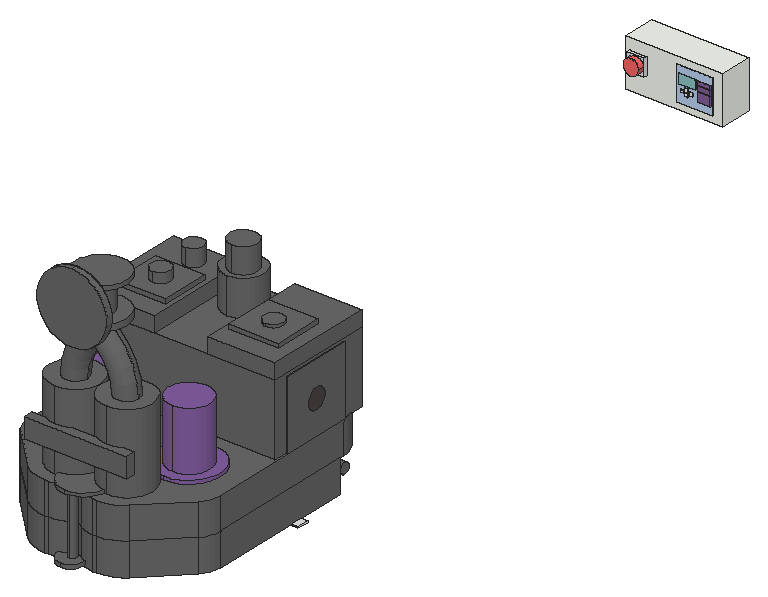
Revit family "11075", category Generic Models, Revit 2021
Family settings
  Can host rebar = No
  Round Connector Dimension = Use Diameter
  Part Type = Normal
  Work Plane-Based = No
  Always vertical = Yes
  Cut with Voids When Loaded = No
  Shared = Yes
  Room Calculation Point = No
Parameters (values of type "11075")
  SUPPLIER = "KESSEL"
  SA700ID49 = "Protection Class I"
  SA700ID48 = "no"
  SA700ID47 = "no"
  SA700ID46 = "yes"
  SA700ID37 = 28000 mm
  SA700ID34 = 60
  SA700ID33 = 5.7 W
  SA700ID32 = 211.06 kg
  SA700ID31 = 1
  SA700ID30 = 2
  SA700ID29 = "GLRD"
  SA700ID21 = 2800
  SA700ID10 = "yes"
  SA700ID08 = 400 V
  PROCUREWEBLINK = "https://p.caden.as/kessel/11075"
  PROCURELINK = "p.caden.as/kessel/11075"
  PROCUREDATALASTUPDATE = "2024-05-22T12:18:04.787702962+01:00"
  PREVIEW = "../../bilder/ksb_w_11075.png"
  PRC_SPECIFICATIONLINK = "https://ausschreiben.de/catalog/kessel/catalogItem/06a299b5-2139-41a8-9739-9925d3baf896"
  NN = "Lifting station Aqualift F XL"
  NBSYN = "$SA810ID03."
  NB = "11075"
  Model = "11075"
  Manufacturer = "KESSEL"
  MIdent = "{$CADENAS_DATA/23d-libs/kessel/kessel_vdi_import/4/entwaesserung/hebeanlage20aqualift20f20xl.prj},201 {STYP=ASS},{VTYP=3D},{NB=11075},{LINA=11075},{NN=Lifting station Aqualift F XL},{DATE=21.11.2022 10:48:11},{GEOMDATE=21.11.2022 10:48:11},{VERSION=},{LINEID=420},{WBVAR=LODLEVEL},{WBNUMERIC=LODLEVEL}  {NB=11075},{LINA=11075},{KT=DUMMY},{PREVIEW=../../bilder/ksb_w_11075.png},{SA700ID04=Hebeanlage Aqualift F XL 200 l, Duo, SPF 5500-S3, Gussschieber },{SA810ID06=04026092057421},{SA700ID34=60.00},{SA010ID03=201805},{SA810ID03=11075},{SA810ID10=Die Hebeanlage für fäkalienhaltiges und fäkalienfreies Abwasser ist mit einer überflutbaren Pumpe sowie einem Rückflussverhinderer ausgestattet. Der Sammelbehälter aus dauerhaft beständigem Kunststoff (PE) bietet universale Anschlussmöglichkeiten und hat eine verschraubte Reinigungsöffnung.Die Steuerung erfolgt durch ein anwenderfreundliches Schaltgerät, das optional über einen potentialfreien Kontakt in die Gebäudeleittechnik eingebunden werden oder Alarm- und Sammelstörmeldungen über eine GSM-Schnittstelle (Comfort Schaltgerät) ausgeben kann.Ausführung:Absperreinrichtung: Schieber aus GussAnlagenart: DoppelanlagePumpensteuerung: SchaltgerätRückflussverhinderer: integriertSchalldämmmatte: jaEinbausituation: freie AufstellungAbwasserart: fäkalienhaltigAllgemeine Merkmale:Farbe: schwarzNorm: EN 12050-1Abmessungen:Länge: 1.109 mmBreite: 760 mmHöhe: 1.027 mmBehälter/Grundkörper:Zulauf Anzahl: 1 STZulauf Nennweite (DN): 100 mmZulauf Nennweite (DA): 110 mmZulauf max. Anbohrung (DN): 200 mmAnschluss für Handmembranpumpe (DN): 32Behältervolumen: 200 lDruckabgang: senkrechtDruckabgang (DA): 90 mmDruckabgang (DN): 80 mmEntlüftungsanschluss (DN): 70 mmNutzvolumen: 120 lFördereinrichtung:Pumpe: SPF 5500Anzahl Pumpen: 2Förderhöhe max.: 28 mFörderleistung max.: 60 m3/hBetriebsart: S3 - 30 %Leistung P1: 5,7 kWLeistung P2: 4,8 kWDrehzahl: 2.800 U/minFörderguttemperatur (dauerhaft) max.: 40 °CAnschlusstyp: DirektanschlussGewicht: 38 kgLaufrad Typ: FreistromradLänge Netzanschlussleitung Pumpe: 5 mNennstrom: 9,1 ASchutzart Pumpe: IP 68 (3m/48h)Schutzklasse: ITyp Anschlussleitung Pumpe: H07RN8-F 6G 1 mm2Temperaturüberwachung: integriertSteuerung:Schaltgerät: ComfortBetriebsspannung: 400 VNetzfrequenz: 50 HzSelbstdiagnosesystem (SDS): jaBatteriepufferung: jaMehrzeilige Displayanzeige: jaLogbuchfunktion: jaGSM-Schnittstelle: jaPotentialfreier Kontakt: jaErforderliche Absicherung (Leitungsschutz): 3 x C 32 AMotorschutz Schalter: jaSchutzart Schaltgerät: IP 54Länge Netzanschlussleitung Schaltgerät: 0 mArt Niveauerfassung: pneumatischInstrument Niveauerfassung: TauchrohrAlarmgeber: Tauchrohr},{SA700ID37=28.00},{SA700ID33=5.70},{SA700ID08=400},{SA700ID30=2},{SA700ID32=211.06},{SA700ID49=Schutzklasse I},{SA700ID50=intern},{SA200ID03=6},{SA250ID03=vertikal},{SA260ID03=Trockenläuferpumpe},{SA350ID03=normalansaugend},{SA400ID03=E-Motor für Drehstrom},{SA460ID03=direkt},{SA500ID03=Kunststoff, Edelstahl},{SA700ID06=80},{SA700ID07=100},{SA700ID09=3/N/PE 400V},{SA700ID10=Ja},{SA700ID11=50},{SA700ID12=IP 68},{SA700ID13=F},{SA700ID15=40},{SA700ID21=2800.00},{SA700ID22=4.80},{SA700ID23=2800},{SA700ID24=2800},{SA700ID26=9.10},{SA700ID27=68.00},{SA700ID28=durchgehend},{SA700ID29=GLRD},{SA700ID31=1},{SA700ID46=ja},{SA700ID47=nein},{SA700ID48=nein},{SA110ID04=Hebeanlage Aqualift F XL},{SA300ID03=einstufig},{SA700ID44=10.00},{SA700ID45=10.00},{SA010ID04=KESSEL AG},{LODLEVEL=200},{LINK=https://www.kessel.de/info?han=11075},{SA970ID01=970},{SA970ID02=7135},{SA970ID03=11075},{SA970ID04=11002617},{SA970ID05=QUAD},{SA970ID06=-410.01},{SA970ID07=-899.99},{SA970ID08=0},{SA970ID09=1},{SA970ID10=0},{SA970ID11=0},{SA970ID12=0},{SA970ID13=1},{SA970ID14=0},{SA970ID15=820.02},{SA970ID16=1030},{SA970ID17=1033.74},{LODLEVEL_=200,'Low'},{LODLEVEL_DEU=200,'Low'},{LINK_=https://www.kessel.de/info?han=11075},{LINK_DEU=https://www.kessel.de/info?han=11075},{LODLEVEL_3DB=11075_200},{DNIN1=100},{DNIN2=70},{DNIN4=10},{DNIN5=10},{DNIN6=50},{DNIN7=50},{DNIN8=50},{DNIN9=50},{DNOUT1=32},{DNOUT2=100},{DNOUT3=70},{ISD1=96},{ISD2=10},{ISDOUT1=40},{ISDOUT2=60},{ISDOUT3=65},{SA010ID01=010},{SA010ID02=4},{SA010ID06=www.kessel.de},{SA010ID07=www.kessel.de},{SA010ID12=20180713},{SA010ID13=DEU},{SA010ID14=DE},{SA100ID01=100},{SA100ID02=4},{SA100ID04=Entwässerung},{SA110ID01=110},{SA110ID02=6},{SA200ID01=200},{SA200ID02=6},{SA250ID01=250},{SA250ID02=2},{SA260ID01=260},{SA260ID02=2},{SA300ID01=300},{SA300ID02=1},{SA350ID01=350},{SA350ID02=1},{SA400ID01=400},{SA400ID02=2},{SA460ID01=460},{SA460ID02=1},{SA500ID01=500},{SA500ID02=1},{SA700ID01=700},{SA700ID02=63},{SA700ID10_=1},{SA700ID16=0},{SA700ID25=0},{SA700ID46_=1},{SA700ID47_=0},{SA700ID48_=0},{SA700ID49_=1},{SA700ID50_=2},{SA800ID01=800},{SA800ID02=27},{SA810ID01=810},{SA810ID02=63},{SA810ID04=11075},{SA810ID07=63},{SA810ID09=1},{SA810ID14=PCE},{SA810ID15=1},{SA810ID16=NMP},{SA960ID03=63},{SA960ID04=3L},{SA960ID08=https://www.kessel.de/info?han=11075},{SA010ID08=4026092000007},{SA100ID05=Hebeanlage},{SA110ID06=Hebeanlage}"
  LINK = "https://www.kessel.de/info?han=11075"
  LINA = "11075"
  Default Elevation = 0 mm
  CREATOR = "CADENAS GmbH"
  CATALOG = "KESSEL"
  BOMINFO = "LINA"
  ARTICLENO = "NB"
  4.810.00.9 Order quantity (multiplicator) = "1"
  4.810.00.7 Media- connection number = "63"
  4.810.00.6 GTIN number = "04026092057421"
  4.810.00.4 DATANORM number = "11075"
  4.810.00.3 Producer order number = "11075"
  4.710.03.7 Mass (net) = 211.06 kg
  4.710.03.6 Height = 1027 mm
  4.710.03.5 Width = 760 mm
  4.710.03.4 Length = 1109 mm
  4.710.03.3 Type of dimensions = "2"
  4.710.02.8 Area of application of wastewater pump = "1"
  4.710.02.7 Art des S2/S3-Betriebs = "30 %"
  4.710.02.6 Duty type = "S3"
  4.710.02.5 Cutting device = "0"
  4.710.02.4 Attached pump control = "1"
  4.710.02.3 Free passage = 40 mm
  4.710.01.6 Option to connect to building automation = "40"
  4.710.01.5 Load regulation = "0"
  4.710.01.4 Designation of closed-loop control = "120"
  4.710.01.3 Identifier for closed-loop control = "200"
  4.700.00.9 Voltage = 0
  4.700.00.8 Nominal connection size on suction side = "100"
  4.700.00.7 Nominal connection size on pressure side = "100"
  4.700.00.6 Type of connection = "80"
  4.700.00.4 Product indentification = "Hebeanlage Aqualift F XL 200 l, Duo, SPF 5500-S3, Gussschieber "
  4.700.00.28 Motor pump shaft = "durchgehend"
  4.700.00.27 Starting current = 68
  4.700.00.26 Maximum power consumption per pump / drive = 9.1
  4.700.00.25 Minimum speed at internal speed adjustment = 0
  4.700.00.24 Nominal speed / maximum speed n = 46.6667
  4.700.00.23 Nominal speed of motor = 46.6667
  4.700.00.22 Maximum shaft output (P2) per pump/drive = 4.8 W
  4.700.00.16 Maximum temperature of pumped medium = 0 °C
  4.700.00.15 Increased safety class = "40 °C"
  4.700.00.13 Type of protection = "F"
  4.700.00.12 Frequency = 0
  4.700.00.11 Stern-/Dreieck-Anlaufschaltung bei Dreiphasenanschluss oder Drehstrom = "50 Hz"
  4.700.00.10 Phase = "1"
  4.500.00.3 Variant / Variant type / Accessories-name = "Kunststoff, Edelstahl"
  4.460.00.3 Variant / Variant type / Accessories-name = "direkt"
  4.400.00.3 Variant / Variant type / Accessories-name = "E-Motor für Drehstrom"
  4.350.00.3 Variant / Variant type / Accessories-name = "normalansaugend"
  4.300.00.3 Variant / Variant type / Accessories-name = "einstufig"
  4.260.00.3 Variant / Variant type / Accessories-name = "Trockenläuferpumpe"
  4.250.00.3 Variant / Variant type / Accessories-name = "vertikal"
  4.200.00.3 Variant / Variant type / Accessories-name = "6"
  4.110.00.6 Product classification = "Hebeanlage"
  4.110.00.4 Product indentification = "Hebeanlage Aqualift F XL"
  4.100.00.5 Main groups of wares = "Hebeanlage"
  4.100.00.4 Product indentification = "Entwässerung"
  4.010.00.8 Producer ID number = "4026092000007"
  4.010.00.7 Comment = "www.kessel.de"
  4.010.00.6 Web address of the manufacturer = "www.kessel.de"
  4.010.00.4 Manufacturer name = "KESSEL AG"
  4.010.00.3 Date of issuance (month) of guideline = "201805"
  4.010.00.2 Sheet number of the guideline = "4"
  4.010.00.14 Kennungen der Projektländer, für die die Datei gültig ist = "DE"
  4.010.00.13 Sprache der Datei = "DEU"
  4.010.00.12 Stand des Herstellerkatalogs = "20180713"
Reference planes
  plane 1 "Center (Front/Back)": y = 0
  plane 2: z = 0
  plane 3 "Center (Left/Right)": x = 0
Forms (mm)
  Extrusion 1, void
    sketch origin (380.5, -115, 392) x (0, -1, 0) y (0, 0, 1)
      loop
        line (-0.5, -0.5) -> (0.5, -0.5) -> (0.5, 0.5) -> (-0.5, 0.5) -> (-0.5, -0.5)
    from 0 to 1
  Extrusion 2, void
    sketch origin (160.15, 130.5, 392) x (1, 0, 0) y (0, 0, 1)
      loop
        line (-0.5, -0.5) -> (0.5, -0.5) -> (0.5, 0.5) -> (-0.5, 0.5) -> (-0.5, -0.5)
    from 0 to 1
  Extrusion 3, void
    sketch origin (-161, 130.5, 392) x (1, 0, 0) y (0, 0, 1)
      loop
        line (-0.5, -0.5) -> (0.5, -0.5) -> (0.5, 0.5) -> (-0.5, 0.5) -> (-0.5, -0.5)
    from 0 to 1
  Extrusion 4, void
    sketch origin (-380.5, -115, 392) x (0, 1, 0) y (0, 0, 1)
      loop
        line (-0.5, -0.5) -> (0.5, -0.5) -> (0.5, 0.5) -> (-0.5, 0.5) -> (-0.5, -0.5)
    from 0 to 1
Dimensions and locks
  locked: plane 2 to Extrusion 1 at 392.5
  locked: plane 2 to Extrusion 1 at 391.5
  locked: plane 2 to Extrusion 2 at 392.5
  locked: plane 2 to Extrusion 2 at 391.5
  locked: plane 2 to Extrusion 3 at 392.5
  locked: plane 2 to Extrusion 3 at 391.5
  locked: plane 2 to Extrusion 4 at 392.5
  locked: plane 2 to Extrusion 4 at 391.5
  aligned and locked: level to plane 2
Nested families
  nested 1: "11075_content" at (0, 0, 0), type "11075_Content"
  nested 2: "11075_part1_X0Y0" at (1000, 1000, 1200), type "11075_PART1_X0Y0"
  nested 3: "11075_part2_X0Y0" at (0, 0, 0), type "11075_PART2_X0Y0"
Connectors
  electrical at (861, 933, 1201.5)
    settings: on nested 2, index 1, voltage 0 V, apparent load 0 VA, apparent load phase1 0 VA, apparent load phase2 0 VA, apparent load phase3 0 VA, power factor 1, load classification "Other", number of poles 1, system type 31, power factor state 1, is connector primary yes, connector utility no, sub classification motor no, connector description ""
  piping at (0, 0, 771), diameter 100
    settings: on nested 3, index 2, connector inside diameter 609.6 mm, connector length 0 mm, flow factor 0, pipe flow 0.0 L/s, pressure drop 0.0 Pa, fitting loss kfactor 0, connector angle 0.00°, fixture units 0, engagement length 0 mm, angle of deflection 0.00°, flow configuration 0, flow direction 1, fitting loss method 2, system type 8, joint type 0, gender type 0, connector reference index -1, connector utility 0, adjustable connector no, is connector primary yes, connector description ""
  piping at (380.5, -115, 392), diameter 70
    settings: on Extrusion 1, index 3, connector inside diameter 609.6 mm, connector length 0 mm, flow factor 0, pipe flow 0.0 L/s, pressure drop 0.0 Pa, fitting loss kfactor 0, connector angle 0.00°, fixture units 0, engagement length 0 mm, angle of deflection 0.00°, flow configuration 0, flow direction 0, fitting loss method 2, system type 8, joint type 0, gender type 0, connector reference index -1, connector utility 0, adjustable connector no, is connector primary no, connector description ""
  piping at (160.15, 130.5, 392), diameter 70
    settings: on Extrusion 2, index 4, connector inside diameter 609.6 mm, connector length 0 mm, flow factor 0, pipe flow 0.0 L/s, pressure drop 0.0 Pa, fitting loss kfactor 0, connector angle 0.00°, fixture units 0, engagement length 0 mm, angle of deflection 0.00°, flow configuration 0, flow direction 0, fitting loss method 2, system type 8, joint type 0, gender type 0, connector reference index -1, connector utility 0, adjustable connector no, is connector primary no, connector description ""
  piping at (-161, 130.5, 392), diameter 70
    settings: on Extrusion 3, index 5, connector inside diameter 609.6 mm, connector length 0 mm, flow factor 0, pipe flow 0.0 L/s, pressure drop 0.0 Pa, fitting loss kfactor 0, connector angle 0.00°, fixture units 0, engagement length 0 mm, angle of deflection 0.00°, flow configuration 0, flow direction 0, fitting loss method 2, system type 8, joint type 0, gender type 0, connector reference index -1, connector utility 0, adjustable connector no, is connector primary no, connector description ""
  piping at (-380.5, -115, 392), diameter 70
    settings: on Extrusion 4, index 6, connector inside diameter 609.6 mm, connector length 0 mm, flow factor 0, pipe flow 0.0 L/s, pressure drop 0.0 Pa, fitting loss kfactor 0, connector angle 0.00°, fixture units 0, engagement length 0 mm, angle of deflection 0.00°, flow configuration 0, flow direction 0, fitting loss method 2, system type 8, joint type 0, gender type 0, connector reference index -1, connector utility 0, adjustable connector no, is connector primary no, connector description ""
  piping at (0, -700, 966), diameter 100
    settings: on nested 3, index 7, connector inside diameter 609.6 mm, connector length 0 mm, flow factor 0, pipe flow 0.0 L/s, pressure drop 0.0 Pa, fitting loss kfactor 0, connector angle 0.00°, fixture units 0, engagement length 0 mm, angle of deflection 0.00°, flow configuration 0, flow direction 2, fitting loss method 2, system type 7, joint type 0, gender type 0, connector reference index -1, connector utility 0, adjustable connector no, is connector primary no, connector description ""
  piping at (-225, 36, 661), diameter 70
    settings: on nested 3, index 8, connector inside diameter 609.6 mm, connector length 0 mm, flow factor 0, pipe flow 0.0 L/s, pressure drop 0.0 Pa, fitting loss kfactor 0, connector angle 0.00°, fixture units 0, engagement length 0 mm, angle of deflection 0.00°, flow configuration 0, flow direction 2, fitting loss method 2, system type 7, joint type 0, gender type 0, connector reference index -1, connector utility 0, adjustable connector no, is connector primary no, connector description ""
  piping at (354.5, 56, 60), diameter 32
    settings: on nested 3, index 9, connector inside diameter 609.6 mm, connector length 0 mm, flow factor 0, pipe flow 0.0 L/s, pressure drop 0.0 Pa, fitting loss kfactor 0, connector angle 0.00°, fixture units 0, engagement length 0 mm, angle of deflection 0.00°, flow configuration 0, flow direction 2, fitting loss method 2, system type 7, joint type 0, gender type 0, connector reference index -1, connector utility 0, adjustable connector no, is connector primary no, connector description ""
  electrical at (183.5, -496.25, 499.4)
    settings: on nested 3, index 10, voltage 0 V, apparent load 0 VA, apparent load phase1 0 VA, apparent load phase2 0 VA, apparent load phase3 0 VA, power factor 1, load classification "Other", number of poles 1, system type 31, power factor state 1, is connector primary no, connector utility no, sub classification motor no, connector description ""
  electrical at (-183.5, -496.25, 499.4)
    settings: on nested 3, index 11, voltage 0 V, apparent load 0 VA, apparent load phase1 0 VA, apparent load phase2 0 VA, apparent load phase3 0 VA, power factor 1, load classification "Other", number of poles 1, system type 31, power factor state 1, is connector primary no, connector utility no, sub classification motor no, connector description ""
  electrical at (-222.5, -129, 650)
    settings: on nested 3, index 12, voltage 0 V, apparent load 0 VA, apparent load phase1 0 VA, apparent load phase2 0 VA, apparent load phase3 0 VA, power factor 1, load classification "Other", number of poles 1, system type 31, power factor state 1, is connector primary no, connector utility no, sub classification motor no, connector description ""
Definition of nested family "11075_part1_X0Y0"
  Parameters (values of type "11075_PART1_X0Y0")
    SUPPLIER = "KESSEL"
    SA700ID49 = "Protection Class I"
    SA700ID48 = "no"
    SA700ID47 = "no"
    SA700ID46 = "yes"
    SA700ID37 = 28000 mm
    SA700ID34 = 60
    SA700ID33 = 5.7 W
    SA700ID32 = 211.06 kg
    SA700ID31 = 1
    SA700ID30 = 2
    SA700ID29 = "GLRD"
    SA700ID21 = 2800
    SA700ID10 = "yes"
    SA700ID08 = 400 V
    PREVIEW = "../../bilder/ksb_w_11075.png"
    NBSYN = "$SA810ID03._PART1"
    NB = "11075_PART1"
    Model = "11075_PART1"
    Manufacturer = "KESSEL"
    MIdent = "{$CADENAS_DATA/23d-libs/kessel/kessel_vdi_import/4/entwaesserung/hebeanlage20aqualift20f20xl.prj},221 {VTYP=3D},{NB=11075_PART1},{LINA=11075_PART1},{NN=Lifting station Aqualift F XL_PART1},{NOPRJ=TRUE},{DATE=21.11.2022 10:48:11},{GEOMDATE=21.11.2022 10:48:11},{VERSION=},{LINEID=420},{WBVAR=LODLEVEL},{WBNUMERIC=LODLEVEL}  {NB=11075_PART1},{LINA=11075_PART1},{KT=DUMMY},{PREVIEW=../../bilder/ksb_w_11075.png},{SA700ID04=Hebeanlage Aqualift F XL 200 l, Duo, SPF 5500-S3, Gussschieber },{SA810ID06=04026092057421},{SA700ID34=60.00},{SA010ID03=201805},{SA810ID03=11075},{SA810ID10=Die Hebeanlage für fäkalienhaltiges und fäkalienfreies Abwasser ist mit einer überflutbaren Pumpe sowie einem Rückflussverhinderer ausgestattet. Der Sammelbehälter aus dauerhaft beständigem Kunststoff (PE) bietet universale Anschlussmöglichkeiten und hat eine verschraubte Reinigungsöffnung.Die Steuerung erfolgt durch ein anwenderfreundliches Schaltgerät, das optional über einen potentialfreien Kontakt in die Gebäudeleittechnik eingebunden werden oder Alarm- und Sammelstörmeldungen über eine GSM-Schnittstelle (Comfort Schaltgerät) ausgeben kann.Ausführung:Absperreinrichtung: Schieber aus GussAnlagenart: DoppelanlagePumpensteuerung: SchaltgerätRückflussverhinderer: integriertSchalldämmmatte: jaEinbausituation: freie AufstellungAbwasserart: fäkalienhaltigAllgemeine Merkmale:Farbe: schwarzNorm: EN 12050-1Abmessungen:Länge: 1.109 mmBreite: 760 mmHöhe: 1.027 mmBehälter/Grundkörper:Zulauf Anzahl: 1 STZulauf Nennweite (DN): 100 mmZulauf Nennweite (DA): 110 mmZulauf max. Anbohrung (DN): 200 mmAnschluss für Handmembranpumpe (DN): 32Behältervolumen: 200 lDruckabgang: senkrechtDruckabgang (DA): 90 mmDruckabgang (DN): 80 mmEntlüftungsanschluss (DN): 70 mmNutzvolumen: 120 lFördereinrichtung:Pumpe: SPF 5500Anzahl Pumpen: 2Förderhöhe max.: 28 mFörderleistung max.: 60 m3/hBetriebsart: S3 - 30 %Leistung P1: 5,7 kWLeistung P2: 4,8 kWDrehzahl: 2.800 U/minFörderguttemperatur (dauerhaft) max.: 40 °CAnschlusstyp: DirektanschlussGewicht: 38 kgLaufrad Typ: FreistromradLänge Netzanschlussleitung Pumpe: 5 mNennstrom: 9,1 ASchutzart Pumpe: IP 68 (3m/48h)Schutzklasse: ITyp Anschlussleitung Pumpe: H07RN8-F 6G 1 mm2Temperaturüberwachung: integriertSteuerung:Schaltgerät: ComfortBetriebsspannung: 400 VNetzfrequenz: 50 HzSelbstdiagnosesystem (SDS): jaBatteriepufferung: jaMehrzeilige Displayanzeige: jaLogbuchfunktion: jaGSM-Schnittstelle: jaPotentialfreier Kontakt: jaErforderliche Absicherung (Leitungsschutz): 3 x C 32 AMotorschutz Schalter: jaSchutzart Schaltgerät: IP 54Länge Netzanschlussleitung Schaltgerät: 0 mArt Niveauerfassung: pneumatischInstrument Niveauerfassung: TauchrohrAlarmgeber: Tauchrohr},{SA700ID37=28.00},{SA700ID33=5.70},{SA700ID08=400},{SA700ID30=2},{SA700ID32=211.06},{SA700ID49=Schutzklasse I},{SA700ID50=intern},{SA200ID03=6},{SA250ID03=vertikal},{SA260ID03=Trockenläuferpumpe},{SA350ID03=normalansaugend},{SA400ID03=E-Motor für Drehstrom},{SA460ID03=direkt},{SA500ID03=Kunststoff, Edelstahl},{SA700ID06=80},{SA700ID07=100},{SA700ID09=3/N/PE 400V},{SA700ID10=Ja},{SA700ID11=50},{SA700ID12=IP 68},{SA700ID13=F},{SA700ID15=40},{SA700ID21=2800.00},{SA700ID22=4.80},{SA700ID23=2800},{SA700ID24=2800},{SA700ID26=9.10},{SA700ID27=68.00},{SA700ID28=durchgehend},{SA700ID29=GLRD},{SA700ID31=1},{SA700ID46=ja},{SA700ID47=nein},{SA700ID48=nein},{SA110ID04=Hebeanlage Aqualift F XL},{SA300ID03=einstufig},{SA700ID44=10.00},{SA700ID45=10.00},{SA010ID04=KESSEL AG},{LODLEVEL=200},{LINK=https://www.kessel.de/info?han=11075},{SA970ID01=970},{SA970ID02=7135},{SA970ID03=11075},{SA970ID04=11002617},{SA970ID05=QUAD},{SA970ID06=-410.01},{SA970ID07=-899.99},{SA970ID08=0},{SA970ID09=1},{SA970ID10=0},{SA970ID11=0},{SA970ID12=0},{SA970ID13=1},{SA970ID14=0},{SA970ID15=820.02},{SA970ID16=1030},{SA970ID17=1033.74},{LODLEVEL_=200,'Low'},{LODLEVEL_DEU=200,'Low'},{LINK_=https://www.kessel.de/info?han=11075},{LINK_DEU=https://www.kessel.de/info?han=11075},{LODLEVEL_3DB=11075_200},{DNIN1=100},{DNIN2=70},{DNIN4=10},{DNIN5=10},{DNIN6=50},{DNIN7=50},{DNIN8=50},{DNIN9=50},{DNOUT1=32},{DNOUT2=100},{DNOUT3=70},{ISD1=96},{ISD2=10},{ISDOUT1=40},{ISDOUT2=60},{ISDOUT3=65},{SA010ID01=010},{SA010ID02=4},{SA010ID06=www.kessel.de},{SA010ID07=www.kessel.de},{SA010ID12=20180713},{SA010ID13=DEU},{SA010ID14=DE},{SA100ID01=100},{SA100ID02=4},{SA100ID04=Entwässerung},{SA110ID01=110},{SA110ID02=6},{SA200ID01=200},{SA200ID02=6},{SA250ID01=250},{SA250ID02=2},{SA260ID01=260},{SA260ID02=2},{SA300ID01=300},{SA300ID02=1},{SA350ID01=350},{SA350ID02=1},{SA400ID01=400},{SA400ID02=2},{SA460ID01=460},{SA460ID02=1},{SA500ID01=500},{SA500ID02=1},{SA700ID01=700},{SA700ID02=63},{SA700ID10_=1},{SA700ID16=0},{SA700ID25=0},{SA700ID46_=1},{SA700ID47_=0},{SA700ID48_=0},{SA700ID49_=1},{SA700ID50_=2},{SA800ID01=800},{SA800ID02=27},{SA810ID01=810},{SA810ID02=63},{SA810ID04=11075},{SA810ID07=63},{SA810ID09=1},{SA810ID14=PCE},{SA810ID15=1},{SA810ID16=NMP},{SA960ID03=63},{SA960ID04=3L},{SA960ID08=https://www.kessel.de/info?han=11075},{SA010ID08=4026092000007},{SA100ID05=Hebeanlage},{SA110ID06=Hebeanlage}"
    LINK = "https://www.kessel.de/info?han=11075"
    LINA = "11075_PART1"
    Default Elevation = 1219.2 mm
    CREATOR = "CADENAS GmbH"
    CATALOG = "KESSEL"
    BOMINFO = "LINA"
    ARTICLENO = "NB"
    4.810.00.9 Order quantity (multiplicator) = "1"
    4.810.00.7 Media- connection number = "63"
    4.810.00.6 GTIN number = "04026092057421"
    4.810.00.4 DATANORM number = "11075"
    4.810.00.3 Producer order number = "11075"
    4.710.03.7 Mass (net) = 211.06 kg
    4.710.03.6 Height = 1027 mm
    4.710.03.5 Width = 760 mm
    4.710.03.4 Length = 1109 mm
    4.710.03.3 Type of dimensions = "2"
    4.710.02.8 Area of application of wastewater pump = "1"
    4.710.02.7 Art des S2/S3-Betriebs = "30 %"
    4.710.02.6 Duty type = "S3"
    4.710.02.5 Cutting device = "0"
    4.710.02.4 Attached pump control = "1"
    4.710.02.3 Free passage = 40 mm
    4.710.01.6 Option to connect to building automation = "40"
    4.710.01.5 Load regulation = "0"
    4.710.01.4 Designation of closed-loop control = "120"
    4.710.01.3 Identifier for closed-loop control = "200"
    4.700.00.9 Voltage = 0
    4.700.00.8 Nominal connection size on suction side = "100"
    4.700.00.7 Nominal connection size on pressure side = "100"
    4.700.00.6 Type of connection = "80"
    4.700.00.4 Product indentification = "Hebeanlage Aqualift F XL 200 l, Duo, SPF 5500-S3, Gussschieber "
    4.700.00.28 Motor pump shaft = "durchgehend"
    4.700.00.27 Starting current = 68
    4.700.00.26 Maximum power consumption per pump / drive = 9.1
    4.700.00.25 Minimum speed at internal speed adjustment = 0
    4.700.00.24 Nominal speed / maximum speed n = 46.6667
    4.700.00.23 Nominal speed of motor = 46.6667
    4.700.00.22 Maximum shaft output (P2) per pump/drive = 4.8 W
    4.700.00.16 Maximum temperature of pumped medium = 0 °C
    4.700.00.15 Increased safety class = "40 °C"
    4.700.00.13 Type of protection = "F"
    4.700.00.12 Frequency = 0
    4.700.00.11 Stern-/Dreieck-Anlaufschaltung bei Dreiphasenanschluss oder Drehstrom = "50 Hz"
    4.700.00.10 Phase = "1"
    4.500.00.3 Variant / Variant type / Accessories-name = "Kunststoff, Edelstahl"
    4.460.00.3 Variant / Variant type / Accessories-name = "direkt"
    4.400.00.3 Variant / Variant type / Accessories-name = "E-Motor für Drehstrom"
    4.350.00.3 Variant / Variant type / Accessories-name = "normalansaugend"
    4.300.00.3 Variant / Variant type / Accessories-name = "einstufig"
    4.260.00.3 Variant / Variant type / Accessories-name = "Trockenläuferpumpe"
    4.250.00.3 Variant / Variant type / Accessories-name = "vertikal"
    4.200.00.3 Variant / Variant type / Accessories-name = "6"
    4.110.00.6 Product classification = "Hebeanlage"
    4.110.00.4 Product indentification = "Hebeanlage Aqualift F XL"
    4.100.00.5 Main groups of wares = "Hebeanlage"
    4.100.00.4 Product indentification = "Entwässerung"
    4.010.00.8 Producer ID number = "4026092000007"
    4.010.00.7 Comment = "www.kessel.de"
    4.010.00.6 Web address of the manufacturer = "www.kessel.de"
    4.010.00.4 Manufacturer name = "KESSEL AG"
    4.010.00.3 Date of issuance (month) of guideline = "201805"
    4.010.00.2 Sheet number of the guideline = "4"
    4.010.00.14 Kennungen der Projektländer, für die die Datei gültig ist = "DE"
    4.010.00.13 Sprache der Datei = "DEU"
    4.010.00.12 Stand des Herstellerkatalogs = "20180713"
  Reference planes
    plane 1 "Center (Front/Back)": y = 0
    plane 2: z = 0
    plane 3 "Center (Left/Right)": x = 0
  Dimensions and locks
    aligned and locked: level to plane 2
  Nested families
    nested 1: "11075_part1_content" at (0, 0, 0), type "11075_PART1_Content"
  Definition of nested family "11075_part1_content"
    Parameters (values of type "11075_PART1_Content")
      SUPPLIER = "KESSEL"
      SA700ID49 = "Protection Class I"
      SA700ID48 = "no"
      SA700ID47 = "no"
      SA700ID46 = "yes"
      SA700ID37 = 28000 mm
      SA700ID34 = 60
      SA700ID33 = 5.7 W
      SA700ID32 = 211.06 kg
      SA700ID31 = 1
      SA700ID30 = 2
      SA700ID29 = "GLRD"
      SA700ID21 = 2800
      SA700ID10 = "yes"
      SA700ID08 = 400 V
      PREVIEW = "../../bilder/ksb_w_11075.png"
      NBSYN = "$SA810ID03._PART1"
      NB = "11075_PART1"
      Model = "11075_PART1"
      Manufacturer = "KESSEL"
      LINK = "https://www.kessel.de/info?han=11075"
      LINA = "11075_PART1"
      Default Elevation = 1219.2 mm
      CREATOR = "CADENAS GmbH"
      CATALOG = "KESSEL"
      BOMINFO = "LINA"
      ARTICLENO = "NB"
      4.810.00.9 Order quantity (multiplicator) = "1"
      4.810.00.7 Media- connection number = "63"
      4.810.00.6 GTIN number = "04026092057421"
      4.810.00.4 DATANORM number = "11075"
      4.810.00.3 Producer order number = "11075"
      4.710.03.7 Mass (net) = 211.06 kg
      4.710.03.6 Height = 1027 mm
      4.710.03.5 Width = 760 mm
      4.710.03.4 Length = 1109 mm
      4.710.03.3 Type of dimensions = "2"
      4.710.02.8 Area of application of wastewater pump = "1"
      4.710.02.7 Art des S2/S3-Betriebs = "30 %"
      4.710.02.6 Duty type = "S3"
      4.710.02.5 Cutting device = "0"
      4.710.02.4 Attached pump control = "1"
      4.710.02.3 Free passage = 40 mm
      4.710.01.6 Option to connect to building automation = "40"
      4.710.01.5 Load regulation = "0"
      4.710.01.4 Designation of closed-loop control = "120"
      4.710.01.3 Identifier for closed-loop control = "200"
      4.700.00.9 Voltage = 0
      4.700.00.8 Nominal connection size on suction side = "100"
      4.700.00.7 Nominal connection size on pressure side = "100"
      4.700.00.6 Type of connection = "80"
      4.700.00.4 Product indentification = "Hebeanlage Aqualift F XL 200 l, Duo, SPF 5500-S3, Gussschieber "
      4.700.00.28 Motor pump shaft = "durchgehend"
      4.700.00.27 Starting current = 68
      4.700.00.26 Maximum power consumption per pump / drive = 9.1
      4.700.00.25 Minimum speed at internal speed adjustment = 0
      4.700.00.24 Nominal speed / maximum speed n = 46.6667
      4.700.00.23 Nominal speed of motor = 46.6667
      4.700.00.22 Maximum shaft output (P2) per pump/drive = 4.8 W
      4.700.00.16 Maximum temperature of pumped medium = 0 °C
      4.700.00.15 Increased safety class = "40 °C"
      4.700.00.13 Type of protection = "F"
      4.700.00.12 Frequency = 0
      4.700.00.11 Stern-/Dreieck-Anlaufschaltung bei Dreiphasenanschluss oder Drehstrom = "50 Hz"
      4.700.00.10 Phase = "1"
      4.500.00.3 Variant / Variant type / Accessories-name = "Kunststoff, Edelstahl"
      4.460.00.3 Variant / Variant type / Accessories-name = "direkt"
      4.400.00.3 Variant / Variant type / Accessories-name = "E-Motor für Drehstrom"
      4.350.00.3 Variant / Variant type / Accessories-name = "normalansaugend"
      4.300.00.3 Variant / Variant type / Accessories-name = "einstufig"
      4.260.00.3 Variant / Variant type / Accessories-name = "Trockenläuferpumpe"
      4.250.00.3 Variant / Variant type / Accessories-name = "vertikal"
      4.200.00.3 Variant / Variant type / Accessories-name = "6"
      4.110.00.6 Product classification = "Hebeanlage"
      4.110.00.4 Product indentification = "Hebeanlage Aqualift F XL"
      4.100.00.5 Main groups of wares = "Hebeanlage"
      4.100.00.4 Product indentification = "Entwässerung"
      4.010.00.8 Producer ID number = "4026092000007"
      4.010.00.7 Comment = "www.kessel.de"
      4.010.00.6 Web address of the manufacturer = "www.kessel.de"
      4.010.00.4 Manufacturer name = "KESSEL AG"
      4.010.00.3 Date of issuance (month) of guideline = "201805"
      4.010.00.2 Sheet number of the guideline = "4"
      4.010.00.14 Kennungen der Projektländer, für die die Datei gültig ist = "DE"
      4.010.00.13 Sprache der Datei = "DEU"
      4.010.00.12 Stand des Herstellerkatalogs = "20180713"
    Reference planes
      plane 1 "Center (Front/Back)": y = 0
      plane 2: z = 0
      plane 3 "Center (Left/Right)": x = 0
    Forms (mm)
      Extrusion 1, solid, detail levels medium+fine
        sketch origin (189.25, -1.75, 0.2) x (0, -1, 0) y (0, 0, 1)
          loop
            line (0, 187.8) -> (0, 0) -> (127.75, 0) -> (127.75, 187.8) -> (0, 187.8)
        from 0 to 378.5
      Extrusion 2, solid, detail levels medium+fine
        sketch origin (-4, -67, 0) x (0, 1, 0) y (-1, 0, 0)
          loop
            circle (0, 0) r 12.5
        from 0 to 1.5
      Extrusion 3, solid, detail levels medium+fine
        sketch origin (150.8, -129.5, 26.5) x (0, -1, 0) y (0, 0, 1)
          loop
            line (-1.2, 134.8) -> (-1.2, 0) -> (0.25, 0) -> (0.25, 134.8) -> (-1.2, 134.8)
        from 0 to 139.9
      Extrusion 4, solid, detail levels medium+fine
        sketch origin (72.55, -129.75, 66) x (0, -1, 0) y (0, 0, 1)
          loop
            line (-1, 12) -> (-1, 0) -> (0.5, 0) -> (0.5, 12) -> (-1, 12)
        from 0 to 12
      Extrusion 5, solid, detail levels medium+fine
        sketch origin (84.45, -129.75, 93.4) x (0, -1, 0) y (0, 0, 1)
          loop
            line (-1, 37) -> (-1, 0) -> (0.5, 0) -> (0.5, 37) -> (-1, 37)
        from 0 to 66
      Extrusion 6, solid, detail levels medium+fine
        sketch origin (55.3, -129.75, 74) x (0, -1, 0) y (0, 0, 1)
          loop
            line (-1, 12) -> (-1, 0) -> (0.5, 0) -> (0.5, 12) -> (-1, 12)
        from 0 to 12
      Extrusion 7, solid, detail levels medium+fine
        sketch origin (143.3, -129.75, 94.4) x (0, -1, 0) y (0, 0, 1)
          loop
            line (0, 16) -> (0, 0) -> (1.75, 0) -> (1.75, 16) -> (0, 16)
        from 0 to 51
      Extrusion 8, solid, detail levels medium+fine
        sketch origin (143.3, -129.75, 54.4) x (0, -1, 0) y (0, 0, 1)
          loop
            line (0, 36) -> (0, 0) -> (1.75, 0) -> (1.75, 36) -> (0, 36)
        from 0 to 51
      Extrusion 9, solid, detail levels medium+fine
        sketch origin (55.3, -129.75, 57.5) x (0, -1, 0) y (0, 0, 1)
          loop
            line (-1, 12) -> (-1, 0) -> (0.5, 0) -> (0.5, 12) -> (-1, 12)
        from 0 to 12
      Extrusion 10, solid, detail levels medium+fine
        sketch origin (143.3, -129.75, 114.4) x (0, -1, 0) y (0, 0, 1)
          loop
            line (0, 16) -> (0, 0) -> (1.75, 0) -> (1.75, 16) -> (0, 16)
        from 0 to 51
      Extrusion 11, solid, detail levels medium+fine
        sketch origin (38.05, -129.75, 66) x (0, -1, 0) y (0, 0, 1)
          loop
            line (-1, 12) -> (-1, 0) -> (0.5, 0) -> (0.5, 12) -> (-1, 12)
        from 0 to 12
      Extrusion 12, solid, detail levels medium+fine
        sketch origin (47, -72, 0) x (0, 1, 0) y (-1, 0, 0)
          loop
            circle (0, 0) r 8
        from 0 to 1.5
      Extrusion 13, solid, detail levels medium+fine
        sketch origin (47, -42, 0) x (0, 1, 0) y (-1, 0, 0)
          loop
            circle (0, 0) r 5.25
        from 0 to 1.5
      Extrusion 14, solid, detail levels medium+fine
        sketch origin (77, -72, 0) x (0, 1, 0) y (-1, 0, 0)
          loop
            circle (0, 0) r 8
        from 0 to 1.5
      Extrusion 15, solid, detail levels medium+fine
        sketch origin (-94, -67, 0) x (0, 1, 0) y (-1, 0, 0)
          loop
            circle (0, 0) r 12.5
        from 0 to 1.5
      Extrusion 16, solid, detail levels medium+fine
        sketch origin (92, -42, 0) x (0, 1, 0) y (-1, 0, 0)
          loop
            circle (0, 0) r 8
        from 0 to 1.5
      Extrusion 17, solid, detail levels medium+fine
        sketch origin (107, -72, 0) x (0, 1, 0) y (-1, 0, 0)
          loop
            circle (0, 0) r 8
        from 0 to 1.5
      Extrusion 18, solid, detail levels medium+fine
        sketch origin (122, -42, 0) x (0, 1, 0) y (-1, 0, 0)
          loop
            circle (0, 0) r 8
        from 0 to 1.5
      Extrusion 19, solid, detail levels medium+fine
        sketch origin (-107.7, -129.5, 76.9) x (0, -1, 0) y (0, 0, 1)
          loop
            line (0, 67) -> (0, 0) -> (14, 0) -> (14, 67) -> (0, 67)
        from 0 to 67
      Extrusion 20, solid, detail levels medium+fine
        sketch origin (-141.2, -143.5, 110.4) x (1, 0, 0) y (0, 0, 1)
          loop
            circle (0, 0) r 30
        from 0 to 22
      Extrusion 21, solid, detail levels medium+fine
        sketch origin (127, -15, 0) x (0, 1, 0) y (-1, 0, 0)
          loop
            circle (0, 0) r 6
        from 0 to 1.5
      Extrusion 22, solid, detail levels medium+fine
        sketch origin (137, -72, 0) x (0, 1, 0) y (-1, 0, 0)
          loop
            circle (0, 0) r 8
        from 0 to 1.5
      Extrusion 23, solid, detail levels medium+fine
        sketch origin (-139, -67, 0) x (0, 1, 0) y (-1, 0, 0)
          loop
            circle (0, 0) r 12.5
        from 0 to 1.5
      Extrusion 24, solid, detail levels medium+fine
        sketch origin (152, -42, 0) x (0, 1, 0) y (-1, 0, 0)
          loop
            circle (0, 0) r 8
        from 0 to 1.5
      Extrusion 25, solid, detail levels coarse
        sketch origin (0, -83.625, 0) x (1, 0, 0) y (0, 1, 0)
          loop
            line (-189.25, -81.875) -> (189.25, -81.875) -> (189.25, 81.875) -> (-189.25, 81.875) -> (-189.25, -81.875)
        from 0 to 188
    Dimensions and locks
      aligned and locked: level to plane 2
Definition of nested family "11075_part2_X0Y0"
  Parameters (values of type "11075_PART2_X0Y0")
    SUPPLIER = "KESSEL"
    SA700ID49 = "Protection Class I"
    SA700ID48 = "no"
    SA700ID47 = "no"
    SA700ID46 = "yes"
    SA700ID37 = 28000 mm
    SA700ID34 = 60
    SA700ID33 = 5.7 W
    SA700ID32 = 211.06 kg
    SA700ID31 = 1
    SA700ID30 = 2
    SA700ID29 = "GLRD"
    SA700ID21 = 2800
    SA700ID10 = "yes"
    SA700ID08 = 400 V
    PREVIEW = "../../bilder/ksb_w_11075.png"
    NBSYN = "$SA810ID03._PART2"
    NB = "11075_PART2"
    Model = "11075_PART2"
    Manufacturer = "KESSEL"
    MIdent = "{$CADENAS_DATA/23d-libs/kessel/kessel_vdi_import/4/entwaesserung/hebeanlage20aqualift20f20xl.prj},221 {VTYP=3D},{NB=11075_PART2},{LINA=11075_PART2},{NN=Lifting station Aqualift F XL_PART2},{NOPRJ=TRUE},{DATE=21.11.2022 10:48:11},{GEOMDATE=21.11.2022 10:48:11},{VERSION=},{LINEID=420},{WBVAR=LODLEVEL},{WBNUMERIC=LODLEVEL}  {NB=11075_PART2},{LINA=11075_PART2},{KT=DUMMY},{PREVIEW=../../bilder/ksb_w_11075.png},{SA700ID04=Hebeanlage Aqualift F XL 200 l, Duo, SPF 5500-S3, Gussschieber },{SA810ID06=04026092057421},{SA700ID34=60.00},{SA010ID03=201805},{SA810ID03=11075},{SA810ID10=Die Hebeanlage für fäkalienhaltiges und fäkalienfreies Abwasser ist mit einer überflutbaren Pumpe sowie einem Rückflussverhinderer ausgestattet. Der Sammelbehälter aus dauerhaft beständigem Kunststoff (PE) bietet universale Anschlussmöglichkeiten und hat eine verschraubte Reinigungsöffnung.Die Steuerung erfolgt durch ein anwenderfreundliches Schaltgerät, das optional über einen potentialfreien Kontakt in die Gebäudeleittechnik eingebunden werden oder Alarm- und Sammelstörmeldungen über eine GSM-Schnittstelle (Comfort Schaltgerät) ausgeben kann.Ausführung:Absperreinrichtung: Schieber aus GussAnlagenart: DoppelanlagePumpensteuerung: SchaltgerätRückflussverhinderer: integriertSchalldämmmatte: jaEinbausituation: freie AufstellungAbwasserart: fäkalienhaltigAllgemeine Merkmale:Farbe: schwarzNorm: EN 12050-1Abmessungen:Länge: 1.109 mmBreite: 760 mmHöhe: 1.027 mmBehälter/Grundkörper:Zulauf Anzahl: 1 STZulauf Nennweite (DN): 100 mmZulauf Nennweite (DA): 110 mmZulauf max. Anbohrung (DN): 200 mmAnschluss für Handmembranpumpe (DN): 32Behältervolumen: 200 lDruckabgang: senkrechtDruckabgang (DA): 90 mmDruckabgang (DN): 80 mmEntlüftungsanschluss (DN): 70 mmNutzvolumen: 120 lFördereinrichtung:Pumpe: SPF 5500Anzahl Pumpen: 2Förderhöhe max.: 28 mFörderleistung max.: 60 m3/hBetriebsart: S3 - 30 %Leistung P1: 5,7 kWLeistung P2: 4,8 kWDrehzahl: 2.800 U/minFörderguttemperatur (dauerhaft) max.: 40 °CAnschlusstyp: DirektanschlussGewicht: 38 kgLaufrad Typ: FreistromradLänge Netzanschlussleitung Pumpe: 5 mNennstrom: 9,1 ASchutzart Pumpe: IP 68 (3m/48h)Schutzklasse: ITyp Anschlussleitung Pumpe: H07RN8-F 6G 1 mm2Temperaturüberwachung: integriertSteuerung:Schaltgerät: ComfortBetriebsspannung: 400 VNetzfrequenz: 50 HzSelbstdiagnosesystem (SDS): jaBatteriepufferung: jaMehrzeilige Displayanzeige: jaLogbuchfunktion: jaGSM-Schnittstelle: jaPotentialfreier Kontakt: jaErforderliche Absicherung (Leitungsschutz): 3 x C 32 AMotorschutz Schalter: jaSchutzart Schaltgerät: IP 54Länge Netzanschlussleitung Schaltgerät: 0 mArt Niveauerfassung: pneumatischInstrument Niveauerfassung: TauchrohrAlarmgeber: Tauchrohr},{SA700ID37=28.00},{SA700ID33=5.70},{SA700ID08=400},{SA700ID30=2},{SA700ID32=211.06},{SA700ID49=Schutzklasse I},{SA700ID50=intern},{SA200ID03=6},{SA250ID03=vertikal},{SA260ID03=Trockenläuferpumpe},{SA350ID03=normalansaugend},{SA400ID03=E-Motor für Drehstrom},{SA460ID03=direkt},{SA500ID03=Kunststoff, Edelstahl},{SA700ID06=80},{SA700ID07=100},{SA700ID09=3/N/PE 400V},{SA700ID10=Ja},{SA700ID11=50},{SA700ID12=IP 68},{SA700ID13=F},{SA700ID15=40},{SA700ID21=2800.00},{SA700ID22=4.80},{SA700ID23=2800},{SA700ID24=2800},{SA700ID26=9.10},{SA700ID27=68.00},{SA700ID28=durchgehend},{SA700ID29=GLRD},{SA700ID31=1},{SA700ID46=ja},{SA700ID47=nein},{SA700ID48=nein},{SA110ID04=Hebeanlage Aqualift F XL},{SA300ID03=einstufig},{SA700ID44=10.00},{SA700ID45=10.00},{SA010ID04=KESSEL AG},{LODLEVEL=200},{LINK=https://www.kessel.de/info?han=11075},{SA970ID01=970},{SA970ID02=7135},{SA970ID03=11075},{SA970ID04=11002617},{SA970ID05=QUAD},{SA970ID06=-410.01},{SA970ID07=-899.99},{SA970ID08=0},{SA970ID09=1},{SA970ID10=0},{SA970ID11=0},{SA970ID12=0},{SA970ID13=1},{SA970ID14=0},{SA970ID15=820.02},{SA970ID16=1030},{SA970ID17=1033.74},{LODLEVEL_=200,'Low'},{LODLEVEL_DEU=200,'Low'},{LINK_=https://www.kessel.de/info?han=11075},{LINK_DEU=https://www.kessel.de/info?han=11075},{LODLEVEL_3DB=11075_200},{DNIN1=100},{DNIN2=70},{DNIN4=10},{DNIN5=10},{DNIN6=50},{DNIN7=50},{DNIN8=50},{DNIN9=50},{DNOUT1=32},{DNOUT2=100},{DNOUT3=70},{ISD1=96},{ISD2=10},{ISDOUT1=40},{ISDOUT2=60},{ISDOUT3=65},{SA010ID01=010},{SA010ID02=4},{SA010ID06=www.kessel.de},{SA010ID07=www.kessel.de},{SA010ID12=20180713},{SA010ID13=DEU},{SA010ID14=DE},{SA100ID01=100},{SA100ID02=4},{SA100ID04=Entwässerung},{SA110ID01=110},{SA110ID02=6},{SA200ID01=200},{SA200ID02=6},{SA250ID01=250},{SA250ID02=2},{SA260ID01=260},{SA260ID02=2},{SA300ID01=300},{SA300ID02=1},{SA350ID01=350},{SA350ID02=1},{SA400ID01=400},{SA400ID02=2},{SA460ID01=460},{SA460ID02=1},{SA500ID01=500},{SA500ID02=1},{SA700ID01=700},{SA700ID02=63},{SA700ID10_=1},{SA700ID16=0},{SA700ID25=0},{SA700ID46_=1},{SA700ID47_=0},{SA700ID48_=0},{SA700ID49_=1},{SA700ID50_=2},{SA800ID01=800},{SA800ID02=27},{SA810ID01=810},{SA810ID02=63},{SA810ID04=11075},{SA810ID07=63},{SA810ID09=1},{SA810ID14=PCE},{SA810ID15=1},{SA810ID16=NMP},{SA960ID03=63},{SA960ID04=3L},{SA960ID08=https://www.kessel.de/info?han=11075},{SA010ID08=4026092000007},{SA100ID05=Hebeanlage},{SA110ID06=Hebeanlage}"
    LINK = "https://www.kessel.de/info?han=11075"
    LINA = "11075_PART2"
    Default Elevation = 1219.2 mm
    CREATOR = "CADENAS GmbH"
    CATALOG = "KESSEL"
    BOMINFO = "LINA"
    ARTICLENO = "NB"
    4.810.00.9 Order quantity (multiplicator) = "1"
    4.810.00.7 Media- connection number = "63"
    4.810.00.6 GTIN number = "04026092057421"
    4.810.00.4 DATANORM number = "11075"
    4.810.00.3 Producer order number = "11075"
    4.710.03.7 Mass (net) = 211.06 kg
    4.710.03.6 Height = 1027 mm
    4.710.03.5 Width = 760 mm
    4.710.03.4 Length = 1109 mm
    4.710.03.3 Type of dimensions = "2"
    4.710.02.8 Area of application of wastewater pump = "1"
    4.710.02.7 Art des S2/S3-Betriebs = "30 %"
    4.710.02.6 Duty type = "S3"
    4.710.02.5 Cutting device = "0"
    4.710.02.4 Attached pump control = "1"
    4.710.02.3 Free passage = 40 mm
    4.710.01.6 Option to connect to building automation = "40"
    4.710.01.5 Load regulation = "0"
    4.710.01.4 Designation of closed-loop control = "120"
    4.710.01.3 Identifier for closed-loop control = "200"
    4.700.00.9 Voltage = 0
    4.700.00.8 Nominal connection size on suction side = "100"
    4.700.00.7 Nominal connection size on pressure side = "100"
    4.700.00.6 Type of connection = "80"
    4.700.00.4 Product indentification = "Hebeanlage Aqualift F XL 200 l, Duo, SPF 5500-S3, Gussschieber "
    4.700.00.28 Motor pump shaft = "durchgehend"
    4.700.00.27 Starting current = 68
    4.700.00.26 Maximum power consumption per pump / drive = 9.1
    4.700.00.25 Minimum speed at internal speed adjustment = 0
    4.700.00.24 Nominal speed / maximum speed n = 46.6667
    4.700.00.23 Nominal speed of motor = 46.6667
    4.700.00.22 Maximum shaft output (P2) per pump/drive = 4.8 W
    4.700.00.16 Maximum temperature of pumped medium = 0 °C
    4.700.00.15 Increased safety class = "40 °C"
    4.700.00.13 Type of protection = "F"
    4.700.00.12 Frequency = 0
    4.700.00.11 Stern-/Dreieck-Anlaufschaltung bei Dreiphasenanschluss oder Drehstrom = "50 Hz"
    4.700.00.10 Phase = "1"
    4.500.00.3 Variant / Variant type / Accessories-name = "Kunststoff, Edelstahl"
    4.460.00.3 Variant / Variant type / Accessories-name = "direkt"
    4.400.00.3 Variant / Variant type / Accessories-name = "E-Motor für Drehstrom"
    4.350.00.3 Variant / Variant type / Accessories-name = "normalansaugend"
    4.300.00.3 Variant / Variant type / Accessories-name = "einstufig"
    4.260.00.3 Variant / Variant type / Accessories-name = "Trockenläuferpumpe"
    4.250.00.3 Variant / Variant type / Accessories-name = "vertikal"
    4.200.00.3 Variant / Variant type / Accessories-name = "6"
    4.110.00.6 Product classification = "Hebeanlage"
    4.110.00.4 Product indentification = "Hebeanlage Aqualift F XL"
    4.100.00.5 Main groups of wares = "Hebeanlage"
    4.100.00.4 Product indentification = "Entwässerung"
    4.010.00.8 Producer ID number = "4026092000007"
    4.010.00.7 Comment = "www.kessel.de"
    4.010.00.6 Web address of the manufacturer = "www.kessel.de"
    4.010.00.4 Manufacturer name = "KESSEL AG"
    4.010.00.3 Date of issuance (month) of guideline = "201805"
    4.010.00.2 Sheet number of the guideline = "4"
    4.010.00.14 Kennungen der Projektländer, für die die Datei gültig ist = "DE"
    4.010.00.13 Sprache der Datei = "DEU"
    4.010.00.12 Stand des Herstellerkatalogs = "20180713"
  Reference planes
    plane 1 "Center (Front/Back)": y = 0
    plane 2: z = 0
    plane 3 "Center (Left/Right)": x = 0
  Dimensions and locks
    aligned and locked: level to plane 2
  Nested families
    nested 1: "11075_part2_content" at (0, 0, 0), type "11075_PART2_Content"
  Definition of nested family "11075_part2_content"
    Parameters (values of type "11075_PART2_Content")
      SUPPLIER = "KESSEL"
      SA700ID49 = "Protection Class I"
      SA700ID48 = "no"
      SA700ID47 = "no"
      SA700ID46 = "yes"
      SA700ID37 = 28000 mm
      SA700ID34 = 60
      SA700ID33 = 5.7 W
      SA700ID32 = 211.06 kg
      SA700ID31 = 1
      SA700ID30 = 2
      SA700ID29 = "GLRD"
      SA700ID21 = 2800
      SA700ID10 = "yes"
      SA700ID08 = 400 V
      PREVIEW = "../../bilder/ksb_w_11075.png"
      NBSYN = "$SA810ID03._PART2"
      NB = "11075_PART2"
      Model = "11075_PART2"
      Manufacturer = "KESSEL"
      LINK = "https://www.kessel.de/info?han=11075"
      LINA = "11075_PART2"
      Default Elevation = 1219.2 mm
      CREATOR = "CADENAS GmbH"
      CATALOG = "KESSEL"
      BOMINFO = "LINA"
      ARTICLENO = "NB"
      4.810.00.9 Order quantity (multiplicator) = "1"
      4.810.00.7 Media- connection number = "63"
      4.810.00.6 GTIN number = "04026092057421"
      4.810.00.4 DATANORM number = "11075"
      4.810.00.3 Producer order number = "11075"
      4.710.03.7 Mass (net) = 211.06 kg
      4.710.03.6 Height = 1027 mm
      4.710.03.5 Width = 760 mm
      4.710.03.4 Length = 1109 mm
      4.710.03.3 Type of dimensions = "2"
      4.710.02.8 Area of application of wastewater pump = "1"
      4.710.02.7 Art des S2/S3-Betriebs = "30 %"
      4.710.02.6 Duty type = "S3"
      4.710.02.5 Cutting device = "0"
      4.710.02.4 Attached pump control = "1"
      4.710.02.3 Free passage = 40 mm
      4.710.01.6 Option to connect to building automation = "40"
      4.710.01.5 Load regulation = "0"
      4.710.01.4 Designation of closed-loop control = "120"
      4.710.01.3 Identifier for closed-loop control = "200"
      4.700.00.9 Voltage = 0
      4.700.00.8 Nominal connection size on suction side = "100"
      4.700.00.7 Nominal connection size on pressure side = "100"
      4.700.00.6 Type of connection = "80"
      4.700.00.4 Product indentification = "Hebeanlage Aqualift F XL 200 l, Duo, SPF 5500-S3, Gussschieber "
      4.700.00.28 Motor pump shaft = "durchgehend"
      4.700.00.27 Starting current = 68
      4.700.00.26 Maximum power consumption per pump / drive = 9.1
      4.700.00.25 Minimum speed at internal speed adjustment = 0
      4.700.00.24 Nominal speed / maximum speed n = 46.6667
      4.700.00.23 Nominal speed of motor = 46.6667
      4.700.00.22 Maximum shaft output (P2) per pump/drive = 4.8 W
      4.700.00.16 Maximum temperature of pumped medium = 0 °C
      4.700.00.15 Increased safety class = "40 °C"
      4.700.00.13 Type of protection = "F"
      4.700.00.12 Frequency = 0
      4.700.00.11 Stern-/Dreieck-Anlaufschaltung bei Dreiphasenanschluss oder Drehstrom = "50 Hz"
      4.700.00.10 Phase = "1"
      4.500.00.3 Variant / Variant type / Accessories-name = "Kunststoff, Edelstahl"
      4.460.00.3 Variant / Variant type / Accessories-name = "direkt"
      4.400.00.3 Variant / Variant type / Accessories-name = "E-Motor für Drehstrom"
      4.350.00.3 Variant / Variant type / Accessories-name = "normalansaugend"
      4.300.00.3 Variant / Variant type / Accessories-name = "einstufig"
      4.260.00.3 Variant / Variant type / Accessories-name = "Trockenläuferpumpe"
      4.250.00.3 Variant / Variant type / Accessories-name = "vertikal"
      4.200.00.3 Variant / Variant type / Accessories-name = "6"
      4.110.00.6 Product classification = "Hebeanlage"
      4.110.00.4 Product indentification = "Hebeanlage Aqualift F XL"
      4.100.00.5 Main groups of wares = "Hebeanlage"
      4.100.00.4 Product indentification = "Entwässerung"
      4.010.00.8 Producer ID number = "4026092000007"
      4.010.00.7 Comment = "www.kessel.de"
      4.010.00.6 Web address of the manufacturer = "www.kessel.de"
      4.010.00.4 Manufacturer name = "KESSEL AG"
      4.010.00.3 Date of issuance (month) of guideline = "201805"
      4.010.00.2 Sheet number of the guideline = "4"
      4.010.00.14 Kennungen der Projektländer, für die die Datei gültig ist = "DE"
      4.010.00.13 Sprache der Datei = "DEU"
      4.010.00.12 Stand des Herstellerkatalogs = "20180713"
    Reference planes
      plane 1 "Center (Front/Back)": y = 0
      plane 2: z = 0
      plane 3 "Center (Left/Right)": x = 0
    Forms (mm)
      Extrusion 1, solid, detail levels medium+fine
        sketch origin (0, -700, 130.5) x (1, 0, 0) y (0, 1, 0)
          loop
            arc (-379.67, 111.11) -> (-372.064, 72.826) -> (-350.38, 40.37) r 99.994
            line (-350.38, 40.37) -> (-201.01, -108.99)
            arc (-201.01, -108.99) -> (-155.599, -139.342) -> (-102.029, -150) r 139.954
            line (-102.029, -150) -> (-87.172, -150)
            arc (-87.172, -150) -> (-50.741, -143.793) -> (-18.421, -125.871) r 110.009
            arc (-18.421, -125.871) -> (0.33, -119.29) -> (19.081, -125.871) r 30.004
            arc (19.081, -125.871) -> (51.401, -143.793) -> (87.832, -150) r 110.009
            line (87.832, -150) -> (102.68, -150)
            arc (102.68, -150) -> (156.256, -139.343) -> (201.675, -108.995) r 140
            line (201.675, -108.995) -> (351.043, 40.373)
            arc (351.043, 40.373) -> (372.718, 72.813) -> (380.33, 111.079) r 99.994
            line (380.33, 111.079) -> (380.33, 721.05)
            arc (380.33, 721.05) -> (355.602, 786.915) -> (293.62, 820.2) r 100.014
            line (293.62, 820.2) -> (-292.95, 820.2)
            arc (-292.95, 820.2) -> (-354.938, 786.918) -> (-379.67, 721.05) r 100.011
            line (-379.67, 721.05) -> (-379.67, 111.11)
        from 0 to 125.5
      Extrusion 2, solid, detail levels medium+fine
        sketch origin (0, -700, 1) x (1, 0, 0) y (0, 1, 0)
          loop
            arc (-379.67, 111.11) -> (-372.064, 72.826) -> (-350.38, 40.37) r 99.994
            line (-350.38, 40.37) -> (-201.01, -108.99)
            arc (-201.01, -108.99) -> (-155.599, -139.342) -> (-102.029, -150) r 139.954
            line (-102.029, -150) -> (-87.172, -150)
            arc (-87.172, -150) -> (-50.741, -143.793) -> (-18.421, -125.871) r 110.009
            arc (-18.421, -125.871) -> (0.33, -119.29) -> (19.081, -125.871) r 30.004
            arc (19.081, -125.871) -> (51.401, -143.793) -> (87.832, -150) r 110.009
            line (87.832, -150) -> (102.68, -150)
            arc (102.68, -150) -> (156.256, -139.343) -> (201.675, -108.995) r 140
            line (201.675, -108.995) -> (351.043, 40.373)
            arc (351.043, 40.373) -> (372.718, 72.813) -> (380.33, 111.079) r 99.994
            line (380.33, 111.079) -> (380.33, 699.2) -> (271, 699.2) -> (271, 820.2) -> (-292.95, 820.2)
            arc (-292.95, 820.2) -> (-354.938, 786.918) -> (-379.67, 721.05) r 100.011
            line (-379.67, 721.05) -> (-379.67, 111.11)
        from 0 to 129.5
      Extrusion 3, solid, detail levels medium+fine
        sketch origin (183.5, -496.25, 256) x (0, 1, 0) y (-1, 0, 0)
          loop
            circle (0, 0) r 123
        from 0 to 12.9
      Extrusion 4, solid, detail levels medium+fine
        sketch origin (183.5, -496.25, 268.9) x (0, 1, 0) y (-1, 0, 0)
          loop
            circle (0, 0) r 82.5
        from 0 to 230.5
      Extrusion 5, solid, detail levels medium+fine
        sketch origin (-183.5, -496.25, 256) x (0, 1, 0) y (-1, 0, 0)
          loop
            circle (0, 0) r 123
        from 0 to 12.9
      Extrusion 6, solid, detail levels medium+fine
        sketch origin (-183.5, -496.25, 268.9) x (0, 1, 0) y (-1, 0, 0)
          loop
            circle (0, 0) r 82.5
        from 0 to 230.5
      Extrusion 7, solid, detail levels medium+fine
        sketch origin (-101.5, -700, 256) x (0, 1, 0) y (-1, 0, 0)
          loop
            circle (0, 0) r 100
        from 0 to 310
      Extrusion 8, solid, detail levels medium+fine
        sketch origin (200.8, -789.5, 354) x (0, -1, 0) y (0, 0, 1)
          loop
            line (0, 80) -> (0, 0) -> (34, 0) -> (34, 80) -> (0, 80)
        from 0 to 401.6
      Extrusion 9, solid, detail levels medium+fine
        sketch origin (101.5, -700, 256) x (0, 1, 0) y (-1, 0, 0)
          loop
            circle (0, 0) r 100
        from 0 to 310
      Extrusion 10, solid, detail levels medium+fine
        sketch origin (0, -787, 256) x (0, 1, 0) y (-1, 0, 0)
          loop
            circle (0, 0) r 90
        from 0 to 12
      Extrusion 11, solid, detail levels medium+fine
        sketch origin (0, -840, 21) x (0, 1, 0) y (-1, 0, 0)
          loop
            circle (0, 0) r 15
        from 0 to 235
      Extrusion 12, solid, detail levels medium+fine
        sketch origin (0, -850, 7) x (0, 1, 0) y (-1, 0, 0)
          loop
            circle (0, 0) r 50
        from 0 to 14
      Revolve 13, solid, detail levels medium+fine
        sketch origin (100.5, -700, 566) x (-1, 0, 0) y (0, -1, 0)
          loop
            circle (0, 0) r 46.5
          axis (225, 0) -> (225, -1)
        angle from -60 to 0
      Extrusion 14, solid, detail levels medium+fine
        sketch origin (0, -700, 746) x (0, 1, 0) y (-1, 0, 0)
          loop
            circle (0, 0) r 46.5
        from 0 to 60
      Extrusion 15, solid, detail levels medium+fine
        sketch origin (0, -700, 806) x (0, 1, 0) y (-1, 0, 0)
          loop
            circle (0, 0) r 100
        from 0 to 25
      Extrusion 16, solid, detail levels medium+fine
        sketch origin (0, -700, 831) x (0, 1, 0) y (-1, 0, 0)
          loop
            circle (0, 0) r 47
        from 0 to 120.5
      Extrusion 17, solid, detail levels medium+fine
        sketch origin (0, -700, 896.25) x (0, 0, 1) y (-1, 0, 0)
          loop
            circle (0, 0) r 25
        from 0 to 100
      Revolve 18, solid, detail levels medium+fine
        sketch origin (0, -800, 896.25) x (-1, 0, 0) y (0, -1, 0)
          loop
            line (0, 0) -> (42, 0) -> (137.5, 20.5) -> (0, 20.5) -> (0, 0)
          axis (0, 20.5) -> (0, 0)
        angle from 0 to 360
      Extrusion 19, solid, detail levels medium+fine
        sketch origin (0, -820.5, 896.25) x (0, 0, 1) y (-1, 0, 0)
          loop
            circle (0, 0) r 137.5
        from 0 to 25
      Extrusion 20, solid, detail levels medium+fine
        sketch origin (0, -700, 951.5) x (0, 1, 0) y (-1, 0, 0)
          loop
            circle (0, 0) r 100
        from 0 to 14.5
      Revolve 21, solid, detail levels medium+fine
        sketch origin (-100.5, -700, 566) x (1, 0, 0) y (0, 1, 0)
          loop
            circle (0, 0) r 46.5
          axis (225, 0) -> (225, -1)
        angle from -60 to 0
      Extrusion 22, solid, detail levels medium+fine
        sketch origin (-370, -305.8, 256) x (0, 1, 0) y (0, 0, 1)
          loop
            line (0, 279) -> (0, 0) -> (425.8, 0) -> (425.8, 279) -> (0, 279)
        from 0 to 740
      Extrusion 23, solid, detail levels medium+fine
        sketch origin (0, 0, 535) x (0, 1, 0) y (-1, 0, 0)
          loop
            circle (0, 0) r 80
        from 0 to 140
      Extrusion 24, solid, detail levels medium+fine
        sketch origin (0, 0, 675) x (0, 1, 0) y (-1, 0, 0)
          loop
            circle (0, 0) r 55
        from 0 to 96
      Extrusion 25, solid, detail levels medium+fine
        sketch origin (19.12, 120, 161) x (0, 1, 0) y (0, 0, 1)
          loop
            line (0, 366.75) -> (0, 0) -> (10, 0) -> (10, 366.75) -> (0, 366.75)
        from 0 to 281.75
      Extrusion 26, solid, detail levels medium+fine
        sketch origin (160.15, 129, 392) x (1, 0, 0) y (0, 0, -1)
          loop
            circle (0, 0) r 40
        from 0 to 1.6
      Extrusion 27, solid, detail levels medium+fine
        sketch origin (-300.88, 120, 161) x (0, 1, 0) y (0, 0, 1)
          loop
            line (0, 366.75) -> (0, 0) -> (10, 0) -> (10, 366.75) -> (0, 366.75)
        from 0 to 281.75
      Extrusion 28, solid, detail levels medium+fine
        sketch origin (-161, 129, 392) x (1, 0, 0) y (0, 0, -1)
          loop
            circle (0, 0) r 40
        from 0 to 1.6
      Extrusion 29, solid, detail levels medium+fine
        sketch origin (-370, -305.8, 535) x (0, 1, 0) y (0, 0, 1)
          loop
            line (0, 61) -> (0, 0) -> (425.8, 0) -> (425.8, 61) -> (0, 61)
        from 0 to 265
      Extrusion 30, solid, detail levels medium+fine
        sketch origin (-320, -226.5, 596) x (0, 1, 0) y (0, 0, 1)
          loop
            line (0, 17) -> (0, 0) -> (195, 0) -> (195, 17) -> (0, 17)
        from 0 to 195
      Extrusion 31, solid, detail levels medium+fine
        sketch origin (-222.5, -129, 613) x (0, 1, 0) y (-1, 0, 0)
          loop
            circle (0, 0) r 38
        from 0 to 37
